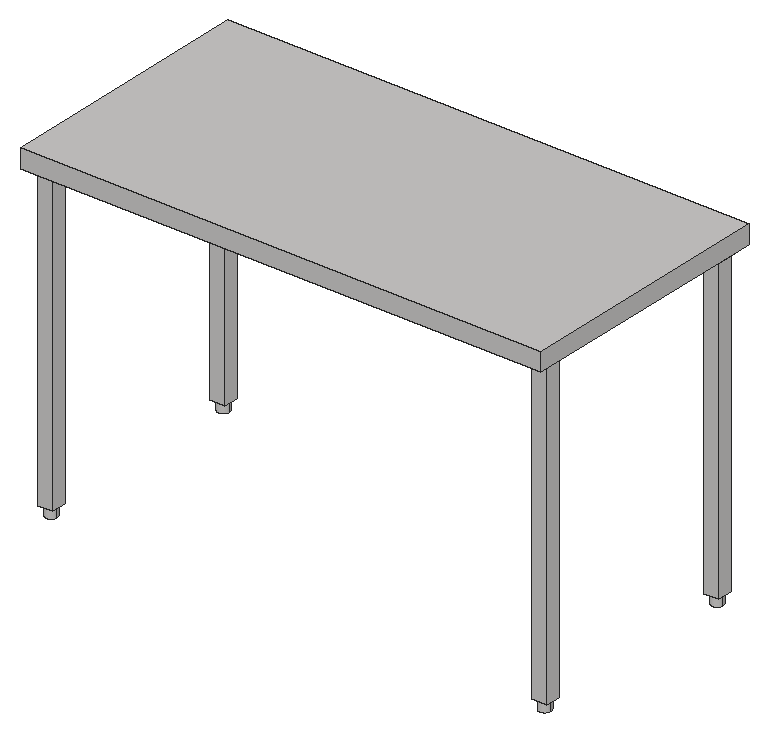
Revit family "QF_ZANUSSI_132725_TG1400PN", category Attrezzature speciali, Revit 2020
Family settings
  Quota connettore circolare = Usa diametro
  Tipo di parte = Normale
  Basato su piano di lavoro = No
  Sempre verticale = Sì
  Taglio con vuoti quando caricato = No
  Condiviso = No
  Punto di calcolo locali = No
Parameters (values of type "Standard")
  Weight = 33.00 kg
  Watts = 0 W
  Volts = 0 V
  URL Manufacturer = "http://www.zanussiprofessional.com"
  URL = "http://www.zanussiprofessional.com"
  Steam Supply Size = 0 mm
  Steam Supply Minimum Pressure = 0.0 Pa
  Steam Supply Maximum Pressure = 0.0 Pa
  Steam Consumption per Hour = 0
  Refrigeration Suction Line Size = 0.0 mm
  Refrigeration Liquid Line Size = 0.0 mm
  Refrigerant Compressor Remote = yes
  Prospetto di default = 0.0 mm
  Produttore = "Zanussi"
  Phase = 0
  Modello = "TG1400PN"
  Length Actual = 1400.0 mm  # constant formula
  Item Number = "132725"
  Hot Water Size = 0 mm
  Height Actual = 900.0 mm  # constant formula
  HP = "0 HP"
  Gas Size = 0 mm
  Gas KW = 0
  Gas Input Pressure = 0 W
  Direct Waste Size = 0 mm
  Descrizione = "WORK TABLE 1400 MM"
  Depth Actual = 700.0 mm  # constant formula
  Cycle = 0 Hz
  Condensate Return Size = 0 mm
  Compressed Air Volume = 0.0 L/s
  Compressed Air Size = 0 mm
  Compressed Air Pressure = 0.0 Pa
  Cold Water Size = 0 mm
  Accessory = yes
Reference planes
  plane 1 "Center (Front/Back)": y = 0
  plane 2: z = 0
  plane 3 "Center (Left/Right)": x = -200
  plane 4 "LEFT": x = -900
  plane 5 "RIGHT": x = 500
  plane 6 "BACK": y = 350
  plane 7 "FRONT": y = -350
  plane 8 "Base": z = 850
  plane 9 "TOP": z = 900
  plane 10: x = -864.5
  plane 11: x = 464.5
  plane 12: y = 290
  plane 13: y = -290
Forms (mm)
  Extrusion 1, solid, material "QF_Finishes_Stainless Steel"
    sketch origin (-200, 0, 0) x (0, 1, 0) y (0, 0, 1)
      loop
        line (-350, 850) -> (350, 850) -> (350, 900) -> (-350, 900) -> (-350, 850)
    from 700 to -700
Lines and regions (mm)
  symbolic lines
    curve 1: line (500, 350, 900) -> (-900, 350, 900)
    curve 2: line (-900, 350, 900) -> (-900, -350, 900)
    curve 3: line (-900, -350, 900) -> (500, -350, 900)
    curve 4: line (500, -350, 900) -> (500, 350, 900)
Dimensions and locks
  plane 4 "LEFT" to plane 5 "RIGHT" = 1400.0 mm
  equal spacing: plane 4 "LEFT", plane 3 "Center (Left/Right)", plane 5 "RIGHT"
  locked: plane 8 "Base" to level at 850
  plane 4 "LEFT" to plane 10 = 35.5 mm
  plane 11 to plane 5 "RIGHT" = 35.5 mm
  plane 10 to plane 11 = 1329.0 mm
  locked: plane 9 "TOP" to level at 900
  plane 6 "BACK" to plane 12 = 60.0 mm
  plane 13 to plane 7 "FRONT" = 60.0 mm
  plane 6 "BACK" to plane 7 "FRONT" = 700.0 mm
  plane 12 to plane 13 = 580.0 mm
  equal spacing: plane 6 "BACK", plane 1 "Center (Front/Back)", plane 7 "FRONT"
  aligned and locked: level to plane 2
  aligned and locked: plane 10 to nested 1
  aligned and locked: nested 1 to plane 13
  aligned and locked: plane 11 to nested 2
  aligned and locked: nested 2 to plane 13
  aligned and locked: plane 11 to nested 4
  aligned and locked: nested 4 to plane 12
  aligned and locked: plane 10 to nested 3
  aligned and locked: nested 3 to plane 12
  aligned and locked: Extrusion 1 to plane 4 "LEFT"
  aligned and locked: plane 5 "RIGHT" to Extrusion 1
  aligned and locked: curve 2 to plane 4 "LEFT"
Automatic sketch dimensions
  Extrusion 1 sketch curve to plane 7 "FRONT" = 0.0 mm
  Extrusion 1 sketch curve to plane 8 "Base" = 0.0 mm
  curve 3 to plane 7 "FRONT" = 0.0 mm
  curve 4 to plane 6 "BACK" = 0.0 mm
  Extrusion 1 sketch curve to plane 9 "TOP" = 0.0 mm
  Extrusion 1 sketch curve to plane 6 "BACK" = 0.0 mm
  curve 4 to plane 5 "RIGHT" = 0.0 mm
Nested families
  nested 1: "FEET_40x40" at (-864.5, -290, 0), type "FEET_40x40"
  nested 2: "FEET_40x40" at (464.5, -290, 0), type "FEET_40x40"
  nested 3: "FEET_40x40" at (-864.5, 290, 0), type "FEET_40x40"
  nested 4: "FEET_40x40" at (464.5, 290, 0), type "FEET_40x40"
Definition of nested family "FEET_40x40"
  Parameters
    Default Elevation = 0.0 mm
    FEET = 850.0 mm
  Reference planes
    plane 1 "Center (Front/Back)": y = 0
    plane 2: z = 0
    plane 3 "Center (Left/Right)": x = 0
    plane 4: z = 850
  Forms (mm)
    Extrusion 1, solid
      sketch origin (0, 0, 0) x (1, 0, 0) y (0, 1, 0)
        loop
          line (-20, -20) -> (20, -20) -> (20, 20) -> (-20, 20) -> (-20, -20)
      from 25 to 845
    Extrusion 2, solid
      sketch origin (0, 0, 0) x (1, 0, 0) y (0, 1, 0)
        loop
          circle (0, 0) r 16
      from 0 to 25
    Extrusion 3, solid
      sketch origin (0, 0, 0) x (1, 0, 0) y (0, 1, 0)
        loop
          line (30, 30) -> (-30, 30) -> (-30, -30) -> (30, -30) -> (30, 30)
      from 845 to 850
  Lines and regions (mm)
    symbolic lines
      curve 1: line (0, -1.503, 0) -> (0, 1.508, 0)
      curve 2: line (1.561, 0, 0) -> (-1.439, 0, 0)
  Dimensions and locks
    "FEET": plane 4 to plane 2
    aligned and locked: level to plane 2
  Automatic sketch dimensions
    Extrusion 1 sketch curve to plane 3 "Center (Left/Right)" = 20.0 mm
    plane 3 "Center (Left/Right)" to Extrusion 1 sketch curve = 20.0 mm
    plane 1 "Center (Front/Back)" to Extrusion 1 sketch curve = 20.0 mm
    Extrusion 1 sketch curve to plane 1 "Center (Front/Back)" = 20.0 mm
    plane 1 "Center (Front/Back)" to Extrusion 2 sketch curve = 0.0 mm
    Extrusion 2 sketch curve to plane 3 "Center (Left/Right)" = 0.0 mm
    plane 3 "Center (Left/Right)" to Extrusion 3 sketch curve = 30.0 mm
    Extrusion 3 sketch curve to plane 1 "Center (Front/Back)" = 30.0 mm
    Extrusion 3 sketch curve to plane 3 "Center (Left/Right)" = 30.0 mm
    plane 1 "Center (Front/Back)" to Extrusion 3 sketch curve = 30.0 mm
    plane 1 "Center (Front/Back)" to curve 2 = 0.0 mm
    curve 1 to plane 3 "Center (Left/Right)" = 0.0 mm
    curve 2 to plane 3 "Center (Left/Right)" = 1.439 mm
    plane 3 "Center (Left/Right)" to curve 2 = 1.561 mm
    plane 1 "Center (Front/Back)" to curve 1 = 1.503 mm
    curve 1 to plane 1 "Center (Front/Back)" = 1.508 mm
    radius of Extrusion 2 sketch curve = 16.0 mm
